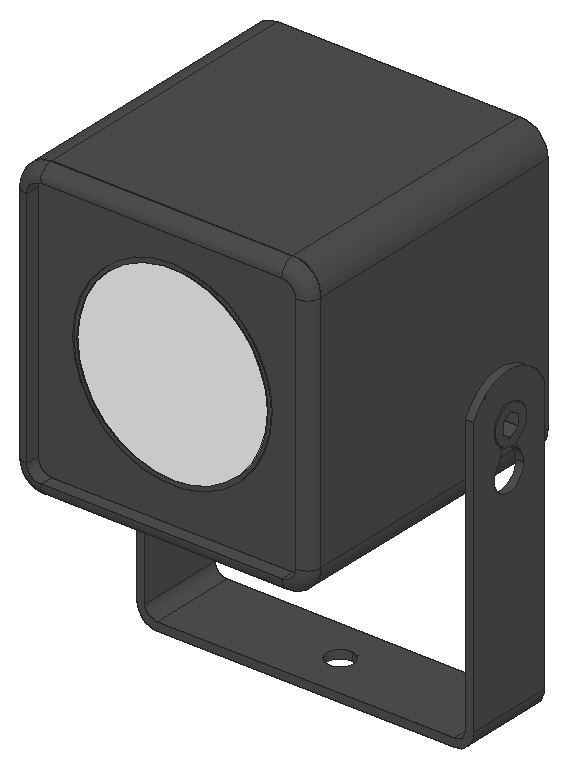
Revit family "Thorn Caelon S7x", category Lighting Fixtures, host Face, Revit 2023
Family settings
  Host = Face
  Round Connector Dimension = Use Diameter
  Part Type = Normal
  Cut with Voids When Loaded = No
  Light Source = No
  Maintain Annotation Orientation = No
  Shared = No
  Room Calculation Point = No
Parameters (values of type "CAELON S7x 700-827 F BK STD 66")
  Wattage = 11.1 VA
  URL = "https://www.thornlighting.com/21013563"
  Type Light Source = Thorn-Light Sources-CAELON S7x : CAELON S7x 700-827 F BK STD 66_photometric_data
  Type Image = TLG_CAEL_F_S7x_BK.jpg
  Type IFC Predefined Type = "DIRECTIONSOURCE"
  Type Housing White = Thorn-Parts-CAELON-Housing-S7x : White
  Type Housing Black = Thorn-Parts-CAELON-Housing-S7x : Black
  Type Housing = if(Housing Finish Black, Type Housing Black, if(Housing Finish White, Type Housing White, Type Housing Black))  # Thorn-Parts-CAELON-Housing-S7x : Black
  Type Bracket White = Thorn-Parts-CAELON-Bracket-S7x : White
  Type Bracket Black = Thorn-Parts-CAELON-Bracket-S7x : Black
  Type Bracket = if(Housing Finish Black, Type Bracket Black, if(Housing Finish White, Type Bracket White, Type Bracket Black))  # Thorn-Parts-CAELON-Bracket-S7x : Black
  Tilt Angle [instance] = 0.00°
  Power Factor = 1
  Optic = "Far"
  Model = "21013563"
  Luminaire Width = 86 mm  # constant formula
  Luminaire Length = 75 mm  # constant formula
  Luminaire Height = 127.02 mm  # constant formula
  Lamp = "LED"  # constant formula
  Housing Finish Black = yes
  Export Type to IFC As = "IfcLightFixtureType"
  Description = "Outdoor flood and spotlight luminaires"  # constant formula
  Assembly Code = "Pr_70_70_48_75"
  Apparent Load = 20 VA
  Angle real [instance] = Tilt Angle + 90.00°  # 90.00°
  Manufacturer = "Thorn Lighting"  # constant formula
  Housing Finish White = no
  Default Elevation = 0 mm  # constant formula
  Angle [instance] = if(Angle real < 60.00°, 60.00°, if(Angle real > 270.00°, 270.00°, Angle real))  # 90.00°
Types (24, lengths in mm): name | URL | Type Light Source | Type Image | Type Housing | Type Bracket | Optic | Model | Housing Finish Black | Housing Finish White
  CAELON S7x 700-827 F BK STD 66 | "https://www.thornlighting.com/21013563" | Thorn-Light Sources-CAELON S7x : CAELON S7x 700-827 F BK STD 66_photometric_data | TLG_CAEL_F_S7x_BK.jpg | Thorn-Parts-CAELON-Housing-S7x : Black | Thorn-Parts-CAELON-Bracket-S7x : Black | "Far" | "21013563" | yes | no
  CAELON S7x 700-827 F WH STD 66 | "https://www.thornlighting.com/21013562" | Thorn-Light Sources-CAELON S7x : CAELON S7x 700-827 F WH STD 66_photometric_data | TLG_CAEL_F_S7x_BK.jpg | Thorn-Parts-CAELON-Housing-S7x : White | Thorn-Parts-CAELON-Bracket-S7x : White | "Far" | "21013562" | no | yes
  CAELON S7x 700-827 M BK STD 66 | "https://www.thornlighting.com/21013561" | Thorn-Light Sources-CAELON S7x : CAELON S7x 700-827 M BK STD 66_photometric_data | TLG_CAEL_F_S7x_BK.jpg | Thorn-Parts-CAELON-Housing-S7x : Black | Thorn-Parts-CAELON-Bracket-S7x : Black | "Medium" | "21013561" | yes | no
  CAELON S7x 700-827 M WH STD 66 | "https://www.thornlighting.com/21013560" | Thorn-Light Sources-CAELON S7x : CAELON S7x 700-827 M WH STD 66_photometric_data | TLG_CAEL_F_S7x_WH.jpg | Thorn-Parts-CAELON-Housing-S7x : White | Thorn-Parts-CAELON-Bracket-S7x : White | "Medium" | "21013560" | no | yes
  CAELON S7x 700-827 N BK STD 66 | "https://www.thornlighting.com/21013559" | Thorn-Light Sources-CAELON S7x : CAELON S7x 700-827 N BK STD 66_photometric_data | TLG_CAEL_F_S7x_BK.jpg | Thorn-Parts-CAELON-Housing-S7x : Black | Thorn-Parts-CAELON-Bracket-S7x : Black | "Narrow" | "21013559" | yes | no
  CAELON S7x 700-827 N WH STD 66 | "https://www.thornlighting.com/21013558" | Thorn-Light Sources-CAELON S7x : CAELON S7x 700-827 N WH STD 66_photometric_data | TLG_CAEL_F_S7x_WH.jpg | Thorn-Parts-CAELON-Housing-S7x : White | Thorn-Parts-CAELON-Bracket-S7x : White | "Narrow" | "21013558" | no | yes
  CAELON S7x 700-827 SN BK STD 66 | "https://www.thornlighting.com/21013557" | Thorn-Light Sources-CAELON S7x : CAELON S7x 700-827 SN BK STD 66_photometric_data | TLG_CAEL_F_S7x_BK.jpg | Thorn-Parts-CAELON-Housing-S7x : Black | Thorn-Parts-CAELON-Bracket-S7x : Black | "Super Narrow" | "21013557" | yes | no
  CAELON S7x 700-827 SN WH STD 66 | "https://www.thornlighting.com/21013556" | Thorn-Light Sources-CAELON S7x : CAELON S7x 700-827 SN WH STD 66_photometric_data | TLG_CAEL_F_S7x_WH.jpg | Thorn-Parts-CAELON-Housing-S7x : White | Thorn-Parts-CAELON-Bracket-S7x : White | "Super Narrow" | "21013556" | no | yes
  CAELON S7x 700-830 F BK STD 66 | "https://www.thornlighting.com/21013571" | Thorn-Light Sources-CAELON S7x : CAELON S7x 700-830 F BK STD 66_photometric_data | TLG_CAEL_F_S7x_BK.jpg | Thorn-Parts-CAELON-Housing-S7x : Black | Thorn-Parts-CAELON-Bracket-S7x : Black | "Far" | "21013571" | yes | no
  CAELON S7x 700-830 F WH STD 66 | "https://www.thornlighting.com/21013570" | Thorn-Light Sources-CAELON S7x : CAELON S7x 700-830 F WH STD 66_photometric_data | TLG_CAEL_F_S7x_WH.jpg | Thorn-Parts-CAELON-Housing-S7x : White | Thorn-Parts-CAELON-Bracket-S7x : White | "Far" | "21013570" | no | yes
  CAELON S7x 700-830 M BK STD 66 | "https://www.thornlighting.com/21013569" | Thorn-Light Sources-CAELON S7x : CAELON S7x 700-830 M BK STD 66_photometric_data | TLG_CAEL_F_S7x_BK.jpg | Thorn-Parts-CAELON-Housing-S7x : Black | Thorn-Parts-CAELON-Bracket-S7x : Black | "Medium" | "21013569" | yes | no
  CAELON S7x 700-830 M WH STD 66 | "https://www.thornlighting.com/21013568" | Thorn-Light Sources-CAELON S7x : CAELON S7x 700-830 M WH STD 66_photometric_data | TLG_CAEL_F_S7x_WH.jpg | Thorn-Parts-CAELON-Housing-S7x : White | Thorn-Parts-CAELON-Bracket-S7x : White | "Medium" | "21013568" | no | yes
  CAELON S7x 700-830 N BK STD 66 | "https://www.thornlighting.com/21013567" | Thorn-Light Sources-CAELON S7x : CAELON S7x 700-830 N BK STD 66_photometric_data | TLG_CAEL_F_S7x_BK.jpg | Thorn-Parts-CAELON-Housing-S7x : Black | Thorn-Parts-CAELON-Bracket-S7x : Black | "Narrow" | "21013567" | yes | no
  CAELON S7x 700-830 N WH STD 66 | "https://www.thornlighting.com/21013566" | Thorn-Light Sources-CAELON S7x : CAELON S7x 700-830 N WH STD 66_photometric_data | TLG_CAEL_F_S7x_WH.jpg | Thorn-Parts-CAELON-Housing-S7x : White | Thorn-Parts-CAELON-Bracket-S7x : White | "Narrow" | "21013566" | no | yes
  CAELON S7x 700-830 SN BK STD 66 | "https://www.thornlighting.com/21013565" | Thorn-Light Sources-CAELON S7x : CAELON S7x 700-830 SN BK STD 66_photometric_data | TLG_CAEL_F_S7x_BK.jpg | Thorn-Parts-CAELON-Housing-S7x : Black | Thorn-Parts-CAELON-Bracket-S7x : Black | "Super Narrow" | "21013565" | yes | no
  CAELON S7x 700-830 SN WH STD 66 | "https://www.thornlighting.com/21013564" | Thorn-Light Sources-CAELON S7x : CAELON S7x 700-830 SN WH STD 66_photometric_data | TLG_CAEL_F_S7x_WH.jpg | Thorn-Parts-CAELON-Housing-S7x : White | Thorn-Parts-CAELON-Bracket-S7x : White | "Super Narrow" | "21013564" | no | yes
  CAELON S7x 700-840 F BK STD 66 | "https://www.thornlighting.com/21013579" | Thorn-Light Sources-CAELON S7x : CAELON S7x 700-840 F BK STD 66_photometric_data | TLG_CAEL_F_S7x_BK.jpg | Thorn-Parts-CAELON-Housing-S7x : Black | Thorn-Parts-CAELON-Bracket-S7x : Black | "Far" | "21013579" | yes | no
  CAELON S7x 700-840 F WH STD 66 | "https://www.thornlighting.com/21013578" | Thorn-Light Sources-CAELON S7x : CAELON S7x 700-840 F WH STD 66_photometric_data | TLG_CAEL_F_S7x_WH.jpg | Thorn-Parts-CAELON-Housing-S7x : White | Thorn-Parts-CAELON-Bracket-S7x : White | "Far" | "21013578" | no | yes
  CAELON S7x 700-840 M BK STD 66 | "https://www.thornlighting.com/21013577" | Thorn-Light Sources-CAELON S7x : CAELON S7x 700-840 M BK STD 66_photometric_data | TLG_CAEL_F_S7x_BK.jpg | Thorn-Parts-CAELON-Housing-S7x : Black | Thorn-Parts-CAELON-Bracket-S7x : Black | "Medium" | "21013577" | yes | no
  CAELON S7x 700-840 M WH STD 66 | "https://www.thornlighting.com/21013576" | Thorn-Light Sources-CAELON S7x : CAELON S7x 700-840 M WH STD 66_photometric_data | TLG_CAEL_F_S7x_WH.jpg | Thorn-Parts-CAELON-Housing-S7x : White | Thorn-Parts-CAELON-Bracket-S7x : White | "Medium" | "21013576" | no | yes
  CAELON S7x 700-840 N BK STD 66 | "https://www.thornlighting.com/21013575" | Thorn-Light Sources-CAELON S7x : CAELON S7x 700-840 N BK STD 66_photometric_data | TLG_CAEL_F_S7x_WH.jpg | Thorn-Parts-CAELON-Housing-S7x : Black | Thorn-Parts-CAELON-Bracket-S7x : Black | "Narrow" | "21013575" | yes | no
  CAELON S7x 700-840 N WH STD 66 | "https://www.thornlighting.com/21013574" | Thorn-Light Sources-CAELON S7x : CAELON S7x 700-840 N WH STD 66_photometric_data | TLG_CAEL_F_S7x_WH.jpg | Thorn-Parts-CAELON-Housing-S7x : White | Thorn-Parts-CAELON-Bracket-S7x : White | "Narrow" | "21013574" | no | yes
  CAELON S7x 700-840 SN BK STD 66 | "https://www.thornlighting.com/21013573" | Thorn-Light Sources-CAELON S7x : CAELON S7x 700-840 SN BK STD 66_photometric_data | TLG_CAEL_F_S7x_BK.jpg | Thorn-Parts-CAELON-Housing-S7x : Black | Thorn-Parts-CAELON-Bracket-S7x : Black | "Super Narrow" | "21013573" | yes | no
  CAELON S7x 700-840 SN WH STD 66 | "https://www.thornlighting.com/21013572" | Thorn-Light Sources-CAELON S7x : CAELON S7x 700-840 SN WH STD 66_photometric_data | TLG_CAEL_F_S7x_WH.jpg | Thorn-Parts-CAELON-Housing-S7x : White | Thorn-Parts-CAELON-Bracket-S7x : White | "Super Narrow" | "21013572" | no | yes
Reference planes
  plane 1 "Center (Front/Back)": y = 0
  plane 2: z = 0
  plane 3 "Center (Left/Right)": x = 0
  plane 4: x = 43
  plane 5: x = -43
  plane 6: y = 0
Lines and regions (mm)
  reference lines
    curve 1: line (0, 0, 0) -> (0, 0, 70.044)
    curve 2: line (0, 0, 70.044) -> (0, -600, 70.044)
  model lines, style "InvisibleLines"
    curve 3: line (-250, 0, 0) -> (250, 0, 0)
Dimensions and locks
  equal spacing: plane 5, plane 3 "Center (Left/Right)", plane 4
  "Luminaire Width": plane 5 to plane 4
  nested 1 to nested 1 = 75 mm
  nested 2 to nested 2 = 85.001 mm
  "Angle": angle plane 1 "Center (Front/Back)" to curve 2
  aligned and locked: plane 2 to host face
  aligned and locked: level to host face
  aligned and locked: plane 6 to curve 3
Automatic sketch dimensions
  host sketch curve to host sketch curve = 2438.4 mm  (x2)
  plane 5 to curve 3 = 207 mm
  curve 3 to plane 5 = 293 mm
  curve 1 to plane 1 "Center (Front/Back)" = 0 mm
  curve 1 to level = 0 mm
  level to curve 2 = 70.044 mm
Nested families
  nested 1: "Thorn-Parts-CAELON-Housing-S7x" at (0, -27, 42.016) x (0, 1, 0) z (0, 0, 1), type <- "Type Housing", type "Black"
  nested 2: "Thorn-Parts-CAELON-Bracket-S7x" at (0, -11, 0) x (0, 1, 0) z (0, 0, 1), type <- "Type Bracket", type "Black"
  nested 3: "Thorn-Light Sources-CAELON S7x" at (0, -54, 89.515) x (0, 0, -1) z (0, 1, 0), type <- "Type Light Source", type "CAELON S7x 700-827 F BK STD 66_photometric_data"
Connectors
  electrical at (0, 0, 0), driven by "Apparent Load", driven by "Power Factor"
    settings: index 1, voltage 220 V, apparent load 20 VA, apparent load phase1 0 VA, apparent load phase2 0 VA, apparent load phase3 0 VA, power factor 1, load classification "Lighting", number of poles 1, system type 30, power factor state 1, is connector primary yes, connector utility no, sub classification motor no, connector description ""
Definition of nested family "Thorn-Parts-CAELON-Housing-S7x"
  Parameters (values of type "White")
    Material Housing Plastic = none
    Housing [instance] = yes
    Material Housing = none
    Manufacturer = "Thorn Lighting"  # constant formula
    Default Elevation = 1219.2 mm
    C = 75 mm  # constant formula
    B = 75 mm  # constant formula
    A = 75 mm  # constant formula
  Types (2): name
    White
    Black
  Reference planes
    plane 1 "Center (Front/Back)": y = 0
    plane 2: z = 0
    plane 3 "Center (Left/Right)": x = 0
    plane 4: x = -33
    plane 5: x = 42
    plane 6: z = 85
    plane 7: z = 10
    plane 8: y = 37.5
    plane 9: y = -37.5
    plane 10: x = -26
    plane 11: z = 12.5
    plane 12: y = 17.054
    plane 13: y = -17.054
    plane 14: x = 21
    plane 15: x = 27
    plane 16: z = 28.03
  Forms (mm)
    Extrusion 1, solid, material <- "Material Housing"
      sketch origin (0, 0, 0) x (0, 1, 0) y (0, 0, 1)
        loop
          line (30.5, 85) -> (-30.5, 85)
          arc (-30.5, 85) -> (-35.45, 82.95) -> (-37.5, 78) r 7
          line (-37.5, 78) -> (-37.5, 17)
          arc (-37.5, 17) -> (-35.45, 12.05) -> (-30.5, 10) r 7
          line (-30.5, 10) -> (30.5, 10)
          arc (30.5, 10) -> (35.45, 12.05) -> (37.5, 17) r 7
          line (37.5, 17) -> (37.5, 78)
          arc (37.5, 78) -> (35.45, 82.95) -> (30.5, 85) r 7
        loop
          line (36.1, 17) -> (36.1, 78)
          arc (36.1, 78) -> (34.46, 81.96) -> (30.5, 83.6) r 5.6
          line (30.5, 83.6) -> (-30.5, 83.6)
          arc (-30.5, 83.6) -> (-34.46, 81.96) -> (-36.1, 78) r 5.6
          line (-36.1, 78) -> (-36.1, 17)
          arc (-36.1, 17) -> (-34.46, 13.04) -> (-30.5, 11.4) r 5.6
          line (-30.5, 11.4) -> (30.5, 11.4)
          arc (30.5, 11.4) -> (34.46, 13.04) -> (36.1, 17) r 5.6
      from -26 to 45.5
    Sweep 2, solid, material <- "Material Housing"
      path origin (-26, -1524, 199.794) x (0, 0, 1) y (0, -1, 0)
        loop
          line (-114.794, -1554.5) -> (-114.794, -1493.5)
          arc (-114.794, -1493.5) -> (-116.844, -1488.55) -> (-121.794, -1486.5) r 7
          line (-121.794, -1486.5) -> (-182.794, -1486.5)
          arc (-182.794, -1486.5) -> (-187.744, -1488.55) -> (-189.794, -1493.5) r 7
          line (-189.794, -1493.5) -> (-189.794, -1554.5)
          arc (-189.794, -1554.5) -> (-187.744, -1559.45) -> (-182.794, -1561.5) r 7
          line (-182.794, -1561.5) -> (-121.794, -1561.5)
          arc (-121.794, -1561.5) -> (-116.844, -1559.45) -> (-114.794, -1554.5) r 7
      profile origin (-26, 0, 85) x (0, 0, -1) y (1, 0, 0)
        loop
          line (3.5, 0) -> (0, 0)
          arc (0, 0) -> (1.025, -2.475) -> (3.5, -3.5) r 3.5
          line (3.5, -3.5) -> (3.5, 0)
    Extrusion 3, solid, material <- "Material Housing"
      sketch origin (42, 889.358, 1200) x (0, 1, 0) y (0, 0, -1)
        loop
          arc (-853.258, 1183) -> (-854.899, 1186.96) -> (-858.858, 1188.6) r 5.6
          line (-858.858, 1188.6) -> (-919.858, 1188.6)
          arc (-919.858, 1188.6) -> (-923.818, 1186.96) -> (-925.458, 1183) r 5.6
          line (-925.458, 1183) -> (-925.458, 1122)
          arc (-925.458, 1122) -> (-923.818, 1118.04) -> (-919.858, 1116.4) r 5.6
          line (-919.858, 1116.4) -> (-858.858, 1116.4)
          arc (-858.858, 1116.4) -> (-854.899, 1118.04) -> (-853.258, 1122) r 5.6
          line (-853.258, 1122) -> (-853.258, 1183)
      from -3 to 0
    Extrusion 4, solid
      sketch origin (-33, 889.358, 1234.999) x (0, 1, 0) y (0, 0, 1)
        loop
          circle (-889.358, -1187.5) r 25
        loop
          circle (-889.358, -1187.5) r 24
      from 7 to 16.28
    Extrusion 5, solid
      sketch origin (-118, 889.358, 1234.999) x (0, 1, 0) y (0, 0, 1)
        loop
          circle (-889.358, -1187.5) r 24
      from 92 to 101.28
    Extrusion 6, void
      sketch origin (0, 899.918, 10) x (-1, 0, 0) y (0, -1, 0)
        loop
          line (-16.235, 924.018) -> (-37.842, 924.018) -> (-37.842, 875.818) -> (-16.235, 875.818) -> (-16.235, 899.918) -> (-16.235, 924.018)
      from 10 to -5.206
    Extrusion 7, solid, material <- "Material Housing"
      sketch origin (0, 899.918, 10) x (-1, 0, 0) y (0, -1, 0)
        loop
          line (0, 899.918) -> (0, 933.918) -> (-42, 933.918) -> (-42, 865.918) -> (0, 865.918) -> (0, 899.918)
      from -12 to -6
    Extrusion 8, solid
      sketch origin (-33, 926.358, 1260) x (0, 1, 0) y (0, 0, 1)
        loop
          circle (-926.358, -1212.501) r 25
        loop
          arc (-956.858, -1178.5) -> (-959.333, -1179.525) -> (-960.358, -1182) r 3.5
          line (-960.358, -1182) -> (-960.358, -1243)
          arc (-960.358, -1243) -> (-959.333, -1245.475) -> (-956.858, -1246.5) r 3.5
          line (-956.858, -1246.5) -> (-895.858, -1246.5)
          arc (-895.858, -1246.5) -> (-893.384, -1245.475) -> (-892.358, -1243) r 3.5
          line (-892.358, -1243) -> (-892.358, -1182)
          arc (-892.358, -1182) -> (-893.384, -1179.525) -> (-895.858, -1178.5) r 3.5
          line (-895.858, -1178.5) -> (-956.858, -1178.5)
      from 7 to 10.243
    Extrusion 9, solid, material <- "Material Housing"
      sketch origin (3.5, 0, 0) x (1, 0, 0) y (0, 1, 0)
        loop
          line (37.842, -26.1) -> (16.235, -26.1) -> (16.235, 24.1) -> (37.842, 24.1) -> (37.842, 26.6) -> (13.735, 26.6) -> (13.735, -28.6) -> (37.842, -28.6) -> (37.842, -26.1)
      from 11.4 to 16
    Revolve 10, solid, material <- "Material Housing Plastic"
      sketch origin (30.618, -1457.896, 41.972) x (0, 0, 1) y (0, -1, 0)
        loop
          line (-38.322, -1467.446) -> (-38.322, -1463.446)
          arc (-38.322, -1463.446) -> (-41.15, -1464.617) -> (-42.322, -1467.446) r 4
          line (-42.322, -1467.446) -> (-38.322, -1467.446)
        loop
          line (-28.972, -1469.946) -> (-28.972, -1464.946) -> (-34.322, -1464.946) -> (-34.322, -1469.946) -> (-28.972, -1469.946)
        axis (-28.972, -1469.946) -> (-42.322, -1469.946)
      angle from 0 to 360
    Extrusion 11, solid, material <- "Material Housing Plastic"
      sketch origin (9.618, 66.104, 70.65) x (1, 0, 0) y (0, 1, 0)
        loop
          line (17.536, -48.054) -> (14.072, -54.054) -> (17.536, -60.054) -> (24.464, -60.054) -> (27.928, -54.054) -> (24.464, -48.054) -> (17.536, -48.054)
      from -67 to -63
    Extrusion 12, solid, material <- "Material Housing Plastic"
      sketch origin (9.618, 66.104, 77.5) x (1, 0, 0) y (0, 1, 0)
        loop
          line (17.536, -48.054) -> (14.072, -54.054) -> (17.536, -60.054) -> (24.464, -60.054) -> (27.928, -54.054) -> (24.464, -48.054) -> (17.536, -48.054)
      from -64.5 to -61.5
    Revolve 13, solid, material <- "Material Housing Plastic"
      sketch origin (30.618, -1481.996, 41.972) x (0, 0, 1) y (0, -1, 0)
        loop
          line (-38.322, -1467.446) -> (-38.322, -1463.446)
          arc (-38.322, -1463.446) -> (-41.15, -1464.617) -> (-42.322, -1467.446) r 4
          line (-42.322, -1467.446) -> (-38.322, -1467.446)
        loop
          line (-28.972, -1469.946) -> (-28.972, -1464.946) -> (-34.322, -1464.946) -> (-34.322, -1469.946) -> (-28.972, -1469.946)
        axis (-28.972, -1469.946) -> (-42.322, -1469.946)
      angle from 0 to 360
    Extrusion 14, solid, material <- "Material Housing Plastic"
      sketch origin (9.618, 42.004, 70.65) x (1, 0, 0) y (0, 1, 0)
        loop
          line (17.536, -48.054) -> (14.072, -54.054) -> (17.536, -60.054) -> (24.464, -60.054) -> (27.928, -54.054) -> (24.464, -48.054) -> (17.536, -48.054)
      from -67 to -63
    Extrusion 15, solid, material <- "Material Housing Plastic"
      sketch origin (9.618, 42.004, 77.5) x (1, 0, 0) y (0, 1, 0)
        loop
          line (17.536, -48.054) -> (14.072, -54.054) -> (17.536, -60.054) -> (24.464, -60.054) -> (27.928, -54.054) -> (24.464, -48.054) -> (17.536, -48.054)
      from -64.5 to -61.5
    Extrusion 16, solid, material <- "Material Housing"
      sketch origin (0, 0, 0) x (1, 0, 0) y (0, 0, 1)
        loop
          circle (27, 28.03) r 4.83
        loop
          line (27, 31.03) -> (24.402, 29.53) -> (24.402, 26.53) -> (27, 25.03) -> (29.598, 26.53) -> (29.598, 29.53) -> (27, 31.03)
      from -43 to 43
    Extrusion 17, void
      sketch origin (0, 0, 0) x (1, 0, 0) y (0, 0, 1)
        loop
          circle (27, 28.03) r 4.83
        loop
          line (27, 31.03) -> (24.402, 29.53) -> (24.402, 26.53) -> (27, 25.03) -> (29.598, 26.53) -> (29.598, 29.53) -> (27, 31.03)
      from -45 to 45
  Cuts and joins
    Extrusion 6, Extrusion 17 cuts Extrusion 1
    Extrusion 6 cuts Extrusion 7
  Lines and regions (mm)
    model lines
      curve 1: line (-26, -10, 47.499) -> (-26, 10, 47.499)
      curve 2: line (-26, 0, 57.499) -> (-26, 0, 37.499)
  Dimensions and locks
    "A": plane 4 to plane 5
    locked: plane 5 to plane 3 "Center (Left/Right)" at 42
    "C": plane 7 to plane 6
    locked: plane 10 to plane 4 at 7
    plane 11 to level = 12.5 mm
    plane 5 to plane 14 = 21 mm
    cut or joined group of Extrusion 1, Extrusion 6, Extrusion 17 to plane 1 "Center (Front/Back)" = 24.1 mm
    cut or joined group of Extrusion 1, Extrusion 6, Extrusion 17 to cut or joined group of Extrusion 1, Extrusion 6, Extrusion 17 = 48.2 mm
    plane 8 to plane 9 = 75 mm
    cut or joined group of Extrusion 1, Extrusion 6, Extrusion 17 to Sweep 2 = 75 mm
    aligned and locked: level to plane 2
    aligned and locked: plane 6 to Extrusion 1 sketch curve
    aligned and locked: plane 7 to Extrusion 1 sketch curve
    aligned and locked: Extrusion 1 sketch curve to plane 8
    aligned and locked: plane 9 to Extrusion 1 sketch curve
    aligned and locked: Extrusion 1 to plane 10
    aligned and locked: cut or joined group of Extrusion 6, Extrusion 7 to Extrusion 9
  Automatic sketch dimensions
    Extrusion 1 sketch curve to Extrusion 1 sketch curve = 0 mm  (x8)
    Extrusion 1 sketch curve to Extrusion 1 sketch curve = 1.4 mm
    plane 9 to Extrusion 1 sketch curve = 7 mm
    plane 11 to Extrusion 1 sketch curve = 4.5 mm  (x2)
    Extrusion 1 sketch curve to Extrusion 1 sketch curve = 5.6 mm
    plane 7 to Sweep 2 sketch curve = 0 mm
    Sweep 2 sketch curve to plane 9 = 0 mm
    Sweep 2 sketch curve to plane 8 = 0 mm
    Sweep 2 sketch curve to plane 6 = 0 mm
    plane 11 to Sweep 2 sketch curve = 4.5 mm  (x2)
    Sweep 2 sketch curve to plane 6 = 7 mm  (x2)
    Sweep 2 sketch curve to plane 10 = 0 mm
    Sweep 2 sketch curve to profile plane = 0 mm
    Sweep 2 sketch curve to profile plane = 3.5 mm
    Extrusion 3 sketch curve to plane 9 = 1.4 mm
    plane 11 to Extrusion 3 sketch curve = 1.1 mm
    Extrusion 3 sketch curve to plane 9 = 7 mm  (x2)
    plane 6 to Extrusion 3 sketch curve = 1.4 mm
    plane 8 to Extrusion 3 sketch curve = 7 mm  (x2)
    Extrusion 3 sketch curve to plane 11 = 4.5 mm
    Extrusion 4 sketch curve to Extrusion 4 sketch curve = 0 mm  (x12)
    Extrusion 4 sketch curve to plane 1 "Center (Front/Back)" = 0 mm
    plane 11 to Extrusion 4 sketch curve = 34.999 mm
    Extrusion 4 sketch curve to plane 13 = 6.946 mm
    Extrusion 4 sketch curve to Extrusion 4 sketch curve = 1 mm
    Extrusion 5 sketch curve to plane 1 "Center (Front/Back)" = 0 mm
    plane 11 to Extrusion 5 sketch curve = 34.999 mm
    plane 1 "Center (Front/Back)" to Extrusion 6 sketch curve = 0 mm
    Extrusion 6 sketch curve to plane 5 = 4.158 mm
    plane 14 to Extrusion 6 sketch curve = 4.765 mm
    plane 13 to Extrusion 6 sketch curve = 7.046 mm
    plane 12 to Extrusion 6 sketch curve = 7.046 mm
    plane 1 "Center (Front/Back)" to Extrusion 7 sketch curve = 0 mm
    Extrusion 7 sketch curve to plane 5 = 0 mm
    plane 3 "Center (Left/Right)" to Extrusion 7 sketch curve = 0 mm
    Extrusion 7 sketch curve to plane 9 = 3.5 mm
    plane 8 to Extrusion 7 sketch curve = 3.5 mm
    curve 1 to curve 2 = 10 mm  (x2)
    curve 2 to curve 1 = 10 mm  (x2)
    Extrusion 8 sketch curve to plane 1 "Center (Front/Back)" = 0 mm
    plane 11 to Extrusion 8 sketch curve = 4.5 mm
    plane 9 to Extrusion 8 sketch curve = 7 mm  (x2)
    Extrusion 8 sketch curve to plane 6 = 3.5 mm
    plane 9 to Extrusion 8 sketch curve = 3.5 mm
    Extrusion 8 sketch curve to plane 8 = 7 mm  (x2)
    Extrusion 8 sketch curve to plane 8 = 3.5 mm
    plane 11 to Extrusion 8 sketch curve = 34.999 mm
    Extrusion 9 sketch curve to plane 14 = 3.765 mm
    Extrusion 9 sketch curve to Extrusion 9 sketch curve = 2.5 mm  (x3)
    plane 5 to Extrusion 9 sketch curve = 0.658 mm  (x2)
    plane 9 to Extrusion 9 sketch curve = 8.9 mm
    Extrusion 9 sketch curve to plane 12 = 7.046 mm
    Revolve 10 sketch curve to level = 0.35 mm
    level to Revolve 10 sketch curve = 3.65 mm
    plane 7 to Revolve 10 sketch curve = 2.35 mm
    plane 11 to Revolve 10 sketch curve = 0.5 mm
    plane 12 to Revolve 10 sketch curve = 5.005 mm  (x2)
    Revolve 10 sketch curve to Revolve 10 sketch curve = 2.5 mm
    Revolve 10 sketch curve to Revolve 10 sketch curve = 1.5 mm
    Revolve 10 sketch curve to Revolve 10 sketch curve = 11.5 mm
    plane 6 to Revolve 10 sketch curve = 38.787 mm
    plane 14 to Extrusion 11 sketch curve = 2.69 mm
    Extrusion 11 sketch curve to plane 12 = 0.995 mm
    plane 14 to Extrusion 11 sketch curve = 6.154 mm  (x2)
    Extrusion 11 sketch curve to Extrusion 11 sketch curve = 6.928 mm  (x2)
    Extrusion 11 sketch curve to Extrusion 11 sketch curve = 3.464 mm
    plane 12 to Extrusion 11 sketch curve = 5.005 mm  (x2)
    Extrusion 11 sketch curve to plane 1 "Center (Front/Back)" = 6.05 mm
    plane 14 to Extrusion 12 sketch curve = 2.69 mm
    Extrusion 12 sketch curve to plane 12 = 0.995 mm
    plane 14 to Extrusion 12 sketch curve = 6.154 mm  (x2)
    Extrusion 12 sketch curve to Extrusion 12 sketch curve = 6.928 mm  (x2)
    Extrusion 12 sketch curve to Extrusion 12 sketch curve = 3.464 mm
    plane 12 to Extrusion 12 sketch curve = 5.005 mm  (x2)
    Extrusion 12 sketch curve to plane 1 "Center (Front/Back)" = 6.05 mm
    Revolve 13 sketch curve to level = 0.35 mm
    level to Revolve 13 sketch curve = 3.65 mm
    plane 13 to Revolve 13 sketch curve = 0.004 mm
    plane 7 to Revolve 13 sketch curve = 2.35 mm
    plane 11 to Revolve 13 sketch curve = 0.5 mm
    plane 13 to Revolve 13 sketch curve = 2.504 mm
    Revolve 13 sketch curve to Revolve 13 sketch curve = 5 mm
    plane 13 to Revolve 13 sketch curve = 5.004 mm
    Revolve 13 sketch curve to Revolve 13 sketch curve = 11.5 mm
    plane 6 to Revolve 13 sketch curve = 38.787 mm
    plane 14 to Extrusion 14 sketch curve = 2.69 mm
    plane 14 to Extrusion 14 sketch curve = 6.154 mm  (x2)
    Extrusion 14 sketch curve to plane 13 = 0.996 mm
    Extrusion 14 sketch curve to Extrusion 14 sketch curve = 6.928 mm  (x2)
    Extrusion 14 sketch curve to Extrusion 14 sketch curve = 3.464 mm
    plane 13 to Extrusion 14 sketch curve = 5.004 mm  (x2)
    plane 1 "Center (Front/Back)" to Extrusion 14 sketch curve = 6.05 mm
    plane 14 to Extrusion 15 sketch curve = 2.69 mm
    plane 14 to Extrusion 15 sketch curve = 6.154 mm  (x2)
    Extrusion 15 sketch curve to plane 13 = 0.996 mm
    Extrusion 15 sketch curve to Extrusion 15 sketch curve = 6.928 mm  (x2)
    Extrusion 15 sketch curve to Extrusion 15 sketch curve = 3.464 mm
    plane 13 to Extrusion 15 sketch curve = 5.004 mm  (x2)
    plane 1 "Center (Front/Back)" to Extrusion 15 sketch curve = 6.05 mm
    Extrusion 16 sketch curve to plane 15 = 0 mm
    Extrusion 16 sketch curve to plane 16 = 0 mm
    Extrusion 17 sketch curve to plane 15 = 0 mm  (x3)
    Extrusion 17 sketch curve to plane 16 = 0 mm
    Extrusion 17 sketch curve to plane 15 = 2.598 mm
    plane 15 to Extrusion 17 sketch curve = 2.598 mm
    plane 16 to Extrusion 17 sketch curve = 1.5 mm  (x2)
    Extrusion 17 sketch curve to Extrusion 17 sketch curve = 1.5 mm
    Extrusion 17 sketch curve to plane 16 = 1.5 mm  (x2)
    Extrusion 17 sketch curve to plane 16 = 3 mm
    radius of Extrusion 5 sketch curve = 24 mm
    radius of Extrusion 8 sketch curve = 25 mm
    radius of Extrusion 16 sketch curve = 4.83 mm
    radius of Extrusion 17 sketch curve = 4.83 mm
Definition of nested family "Thorn-Parts-CAELON-Bracket-S7x"
  Parameters (values of type "White")
    Material Housing = none
    Manufacturer = "Thorn Lighting"  # constant formula
    Default Elevation = 0 mm  # constant formula
    C = 145 mm  # constant formula
    B = 149 mm  # constant formula
    A = 160 mm  # constant formula
  Types (2): name
    White
    Black
  Reference planes
    plane 1 "Center (Front/Back)": y = 0
    plane 2: z = 0
    plane 3 "Center (Left/Right)": x = 0
    plane 4: x = -118
    plane 5: x = 42
    plane 6: y = 74.5
    plane 7: y = -74.5
    plane 8: z = -60
    plane 9: y = 72.5
    plane 10: y = -72.5
    plane 11: x = -111
    plane 12: z = 12.5
    plane 13: y = 17.054
    plane 14: y = -17.054
    plane 15: x = 22
    plane 16: x = 11
  Forms (mm)
    Extrusion 1, solid, material <- "Material Housing"
      sketch origin (0, 0, 0) x (0, 1, 0) y (0, 0, 1)
        loop
          line (42.499, 5) -> (42.499, 82.109) -> (40.499, 82.109) -> (40.499, 5)
          arc (40.499, 5) -> (39.621, 2.879) -> (37.499, 2) r 3
          line (37.499, 2) -> (-37.502, 2)
          arc (-37.502, 2) -> (-39.623, 2.879) -> (-40.502, 5) r 3
          line (-40.502, 5) -> (-40.502, 82.109) -> (-42.502, 82.109) -> (-42.502, 5)
          arc (-42.502, 5) -> (-41.037, 1.464) -> (-37.502, 0) r 5
          line (-37.502, 0) -> (37.499, 0)
          arc (37.499, 0) -> (41.035, 1.464) -> (42.499, 5) r 5
      from 0 to 22
    Extrusion 2, void
      sketch origin (11, 0, 16.5) x (1, 0, 0) y (0, 0, 1)
        loop
          arc (-12.065, 53.544) -> (0, 65.609) -> (12.065, 53.544) r 12.065
          line (12.065, 53.544) -> (18.701, 53.544) -> (18.701, 68.625) -> (0, 68.625) -> (-18.097, 68.625) -> (-18.097, 53.544) -> (-12.065, 53.544)
        loop
          arc (-4.826, 53.544) -> (-4.35, 51.454) -> (-3.016, 49.777) r 4.826
          arc (-3.016, 49.777) -> (-2.517, 48.115) -> (-3.016, 46.453) r 3.016
          arc (-3.016, 46.453) -> (-4.35, 44.775) -> (-4.826, 42.686) r 4.826
          arc (-4.826, 42.686) -> (0, 37.86) -> (4.826, 42.686) r 4.826
          arc (4.826, 42.686) -> (4.35, 44.775) -> (3.016, 46.453) r 4.826
          arc (3.016, 46.453) -> (2.517, 48.115) -> (3.016, 49.777) r 3.016
          arc (3.016, 49.777) -> (4.35, 51.454) -> (4.826, 53.544) r 4.826
          arc (4.826, 53.544) -> (0, 58.37) -> (-4.826, 53.544) r 4.826
      from -100 to 100
    Extrusion 3, void
      sketch origin (0, 0, 0) x (1, 0, 0) y (0, 1, 0)
        loop
          circle (11, 0) r 3.5
      from -7.948 to 9.458
  Cuts and joins
    Extrusion 2, Extrusion 3 cuts Extrusion 1
  Dimensions and locks
    "A": plane 4 to plane 5
    equal spacing: plane 6, plane 1 "Center (Front/Back)", plane 7
    "B": plane 6 to plane 7
    locked: plane 5 to plane 3 "Center (Left/Right)" at 42
    locked: plane 9 to plane 6 at 2
    locked: plane 10 to plane 7 at 2
    locked: plane 11 to plane 4 at 7
    plane 5 to plane 15 = 20 mm
    aligned and locked: level to plane 2
  Automatic sketch dimensions
    Extrusion 1 sketch curve to Extrusion 1 sketch curve = 0 mm  (x4)
    plane 7 to Extrusion 1 sketch curve = 31.998 mm
    plane 10 to Extrusion 1 sketch curve = 31.998 mm
    Extrusion 1 sketch curve to level = 0 mm
    Extrusion 1 sketch curve to plane 9 = 32.001 mm
    plane 10 to Extrusion 1 sketch curve = 34.998 mm
    Extrusion 1 sketch curve to Extrusion 1 sketch curve = 3 mm
    plane 12 to Extrusion 1 sketch curve = 69.609 mm  (x2)
    Extrusion 2 sketch curve to Extrusion 2 sketch curve = 0 mm  (x18)
    plane 16 to Extrusion 2 sketch curve = 0 mm  (x3)
    plane 3 "Center (Left/Right)" to Extrusion 2 sketch curve = 5.467 mm
    Extrusion 2 sketch curve to plane 3 "Center (Left/Right)" = 1.065 mm
    Extrusion 2 sketch curve to plane 3 "Center (Left/Right)" = 7.097 mm
    Extrusion 2 sketch curve to plane 15 = 5.467 mm
    Extrusion 2 sketch curve to Extrusion 2 sketch curve = 6.636 mm
    plane 12 to Extrusion 2 sketch curve = 46.686 mm
    Extrusion 2 sketch curve to Extrusion 2 sketch curve = 5.429 mm  (x3)
    Extrusion 2 sketch curve to Extrusion 2 sketch curve = 15.081 mm
    Extrusion 2 sketch curve to plane 16 = 3.016 mm  (x2)
    Extrusion 2 sketch curve to Extrusion 2 sketch curve = 1.81 mm
    Extrusion 2 sketch curve to Extrusion 2 sketch curve = 2.517 mm
    plane 1 "Center (Front/Back)" to Extrusion 3 sketch curve = 0 mm
    Extrusion 3 sketch curve to plane 16 = 0 mm
    radius of Extrusion 3 sketch curve = 3.5 mm
Definition of nested family "Thorn-Light Sources-CAELON S7x"
  Parameters (values of type "CAELON S7x 700-827 SN BK STD 66_photometric_data")
    Wide flood = no
    Super narrow = yes
    Reflector Direction Line Offset [instance] = 600 mm
    Narrow = no
    Medium = no
    Light Distribution Offset [instance] = 600 mm
    Wattage = 11.1 W
    built-in parameter 1150110 = 1 (stored number, unit not read)
    built-in parameter 1114217 = 1 (stored number, unit not read)
    Tilt Angle = 90.00°  # constant formula
    built-in parameter 1150109 = 1 (stored number, unit not read)
    built-in parameter 1150134 = (empty or 0)
    built-in parameter 1150113 = 1 (stored number, unit not read)
    Power Factor = 1
    Photometric Web File = "21013557_(STD).IES"
    Manufacturer = "Thorn Lighting"  # constant formula
    Lumens = 385 lm
    built-in parameter 1150115 = 1 (stored number, unit not read)
    built-in parameter 1150105 = 91.196 (stored number, unit not read)
    built-in parameter 1150137 = (empty or 0)
    built-in parameter 1150139 = (empty or 0)
    built-in parameter 1150112 = 1 (stored number, unit not read)
    built-in parameter 1150114 = 1 (stored number, unit not read)
    built-in parameter 1150132 = 2
    built-in parameter 1150102 = (empty or 0)
    built-in parameter 1150138 = (empty or 0)
    built-in parameter 1150107 = 2700 (stored number, unit not read)
    built-in parameter 1150106 = 0.91196 (stored number, unit not read)
    Emit from Circle Diameter = 48 mm  # constant formula
    Emit Shape Visible in Rendering = 0 > 1  # no
    built-in parameter 1150104 = 3.2516 (stored number, unit not read)
    Dimming Lamp Color Temperature Shift = (empty or 0)
    Default Elevation = 0 mm  # constant formula
    Color Filter = 16777215
    built-in parameter 1114218 = 1 (stored number, unit not read)
    built-in parameter 1150133 = 10 (stored number, unit not read)
    Apparent Load = 20 VA
  Types (24, lengths in mm): name | Photometric Web File | Lumens | built-in parameter 1150107 | built-in parameter 1150104
    CAELON S7x 700-827 F BK STD 66_photometric_data | "21013563_(STD).IES" | 940 lm | 2700 (stored number, unit not read) | 7.8968 (stored number, unit not read)
    CAELON S7x 700-827 F WH STD 66_photometric_data | "21013562_(STD).IES" | 940 lm | 2700 (stored number, unit not read) | 7.8968 (stored number, unit not read)
    CAELON S7x 700-827 M BK STD 66_photometric_data | "21013561_(STD).IES" | 830 lm | 2700 (stored number, unit not read) | 6.9677 (stored number, unit not read)
    CAELON S7x 700-827 M WH STD 66_photometric_data | "21013560_(STD).IES" | 830 lm | 2700 (stored number, unit not read) | 6.9677 (stored number, unit not read)
    CAELON S7x 700-827 N BK STD 66_photometric_data | "21013559_(STD).IES" | 605 lm | 2700 (stored number, unit not read) | 5.1097 (stored number, unit not read)
    CAELON S7x 700-827 N WH STD 66_photometric_data | "21013558_(STD).IES" | 605 lm | 2700 (stored number, unit not read) | 5.1097 (stored number, unit not read)
    CAELON S7x 700-827 SN BK STD 66_photometric_data | "21013557_(STD).IES" | 385 lm | 2700 (stored number, unit not read) | 3.2516 (stored number, unit not read)
    CAELON S7x 700-827 SN WH STD 66_photometric_data | "21013556_(STD).IES" | 385 lm | 2700 (stored number, unit not read) | 3.2516 (stored number, unit not read)
    CAELON S7x 700-830 F BK STD 66_photometric_data | "21013571_(STD).IES" | 940 lm | 3000 (stored number, unit not read) | 7.8968 (stored number, unit not read)
    CAELON S7x 700-830 F WH STD 66_photometric_data | "21013570_(STD).IES" | 940 lm | 3000 (stored number, unit not read) | 7.8968 (stored number, unit not read)
    CAELON S7x 700-830 M BK STD 66_photometric_data | "21013569_(STD).IES" | 840 lm | 3000 (stored number, unit not read) | 7.0606 (stored number, unit not read)
    CAELON S7x 700-830 M WH STD 66_photometric_data | "21013568_(STD).IES" | 840 lm | 3000 (stored number, unit not read) | 7.0606 (stored number, unit not read)
    CAELON S7x 700-830 N BK STD 66_photometric_data | "21013567_(STD).IES" | 650 lm | 3000 (stored number, unit not read) | 5.4813 (stored number, unit not read)
    CAELON S7x 700-830 N WH STD 66_photometric_data | "21013566_(STD).IES" | 650 lm | 3000 (stored number, unit not read) | 5.4813 (stored number, unit not read)
    CAELON S7x 700-830 SN BK STD 66_photometric_data | "21013565_(STD).IES" | 285 lm | 3000 (stored number, unit not read) | 2.4155 (stored number, unit not read)
    CAELON S7x 700-830 SN WH STD 66_photometric_data | "21013564_(STD).IES" | 285 lm | 3000 (stored number, unit not read) | 2.4155 (stored number, unit not read)
    CAELON S7x 700-840 F BK STD 66_photometric_data | "21013579_(STD).IES" | 940 lm | 4000 (stored number, unit not read) | 7.8968 (stored number, unit not read)
    CAELON S7x 700-840 F WH STD 66_photometric_data | "21013578_(STD).IES" | 940 lm | 4000 (stored number, unit not read) | 7.8968 (stored number, unit not read)
    CAELON S7x 700-840 M BK STD 66_photometric_data | "21013577_(STD).IES" | 840 lm | 4000 (stored number, unit not read) | 7.0606 (stored number, unit not read)
    CAELON S7x 700-840 M WH STD 66_photometric_data | "21013576_(STD).IES" | 840 lm | 4000 (stored number, unit not read) | 7.0606 (stored number, unit not read)
    CAELON S7x 700-840 N BK STD 66_photometric_data | "21013575_(STD).IES" | 700 lm | 4000 (stored number, unit not read) | 5.8529 (stored number, unit not read)
    CAELON S7x 700-840 N WH STD 66_photometric_data | "21013574_(STD).IES" | 700 lm | 4000 (stored number, unit not read) | 5.8529 (stored number, unit not read)
    CAELON S7x 700-840 SN BK STD 66_photometric_data | "21013573_(STD).IES" | 285 lm | 4000 (stored number, unit not read) | 2.4155 (stored number, unit not read)
    CAELON S7x 700-840 SN WH STD 66_photometric_data | "21013572_(STD).IES" | 285 lm | 4000 (stored number, unit not read) | 2.4155 (stored number, unit not read)
  Reference planes
    plane 1 "Light Source Axis (F/B)": y = 0
    plane 2: z = 0
    plane 3 "Light Source Axis (L/R)": x = 0
    plane 4 "Light Source Elevation": z = 0
  Lines and regions (mm)
    model lines
      curve 1: line (0, 0, 0) -> (0, 0, 50)
      curve 2: line (0, 0, 0) -> (0, 10, 0)
      curve 3: line (0, 0, 0) -> (10, 0, 0)
      curve 4: line (0, 0, 0) -> (0, -10, 0)
      curve 5: line (0, 0, 0) -> (-10, 0, 0)
      curve 6: line (0, 0, 0) -> (0, 0, -500)
      curve 7: line (0, 0, -500) -> (0, -47.883, -368.443)
      curve 8: line (0, 0, -500) -> (0, 47.883, -368.443)
  Dimensions and locks
    aligned and locked: plane 4 "Light Source Elevation" to imposter light
    aligned and locked: level to plane 2
    aligned and locked: plane 4 "Light Source Elevation" to plane 2
    aligned and locked: curve 5 to plane 1 "Light Source Axis (F/B)"
    aligned and locked: plane 1 "Light Source Axis (F/B)" to curve 3
    aligned and locked: curve 4 to plane 3 "Light Source Axis (L/R)"
